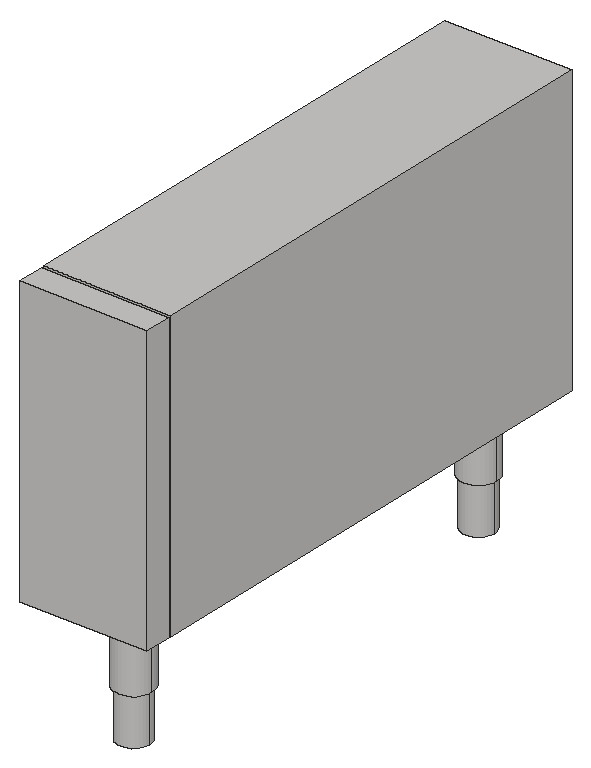
Revit family "QF_ELECTROLUXPROFESSIONAL_391220_E9BANB00C0", category Specialty Equipment, Revit 2018
Family settings
  Round Connector Dimension = Use Diameter
  Part Type = Normal
  Work Plane-Based = No
  Always vertical = Yes
  Cut with Voids When Loaded = No
  Shared = No
  Room Calculation Point = No
Parameters
  URL = ""
  Model = ""
  Manufacturer = ""
  Direct Waste Size = 0"
  Description = ""
Reference planes
  plane 1 "BACK": y = 0
  plane 2: z = 0
  plane 3 "LEFT": x = 0
  plane 4 "RIGHT": x = 200
  plane 5 "FRONT": y = -930
  plane 6 "TOP": z = 650
  plane 7 "Center Y": x = 100
  plane 8 "Center X": y = -465
  plane 9: z = 900
  plane 10: z = 200
  plane 11: y = -128
  plane 12: y = -802
Forms (mm)
  Extrusion 1, solid, material "QF_Finishes_Stainless Steel"
    sketch origin (100, 0, 0) x (0, 1, 0) y (0, 0, 1)
      loop
        line (-70, 200) -> (-70, 650) -> (-853, 650) -> (-853, 200) -> (-70, 200)
    from -99.5 to 99.5
  Extrusion 2, solid, material "QF_Finishes_Stainless Steel"
    sketch origin (100, -1, 0) x (0, 1, 0) y (0, 0, 1)
      loop
        line (-857, 649) -> (-899, 649) -> (-899, 200) -> (-857, 200) -> (-857, 649)
    from -99.5 to 99.5
Lines and regions (mm)
  symbolic lines
    curve 1: line (199.5, -70, 914.5) -> (0.5, -70, 914.5)
    curve 2: line (0.5, -70, 914.5) -> (0.5, -853, 914.5)
    curve 3: line (199.5, -853, 914.5) -> (199.5, -70, 914.5)
    curve 4: line (0.5, -853, 914.5) -> (199.5, -853, 914.5)
    curve 5: line (199.5, -858, 914.5) -> (0.5, -858, 914.5)
    curve 6: line (199.5, -900, 914.5) -> (199.5, -858, 914.5)
    curve 7: line (0.5, -900, 914.5) -> (199.5, -900, 914.5)
    curve 8: line (0.5, -858, 914.5) -> (0.5, -900, 914.5)
Dimensions and locks
  equal spacing: plane 3 "LEFT", plane 7 "Center Y", plane 4 "RIGHT"
  plane 3 "LEFT" to plane 4 "RIGHT" = 200 mm
  equal spacing: plane 5 "FRONT", plane 8 "Center X", plane 1 "BACK"
  plane 5 "FRONT" to plane 1 "BACK" = 930 mm
  aligned and locked: level to plane 2
Automatic sketch dimensions
  plane 10 to Extrusion 1 sketch curve = 0 mm
  Extrusion 1 sketch curve to plane 6 "TOP" = 0 mm
  plane 12 to Extrusion 1 sketch curve = 51 mm
  Extrusion 1 sketch curve to plane 11 = 58 mm
  plane 10 to Extrusion 2 sketch curve = 0 mm
  Extrusion 2 sketch curve to plane 6 "TOP" = 1 mm
  Extrusion 2 sketch curve to plane 5 "FRONT" = 30 mm
  Extrusion 2 sketch curve to Extrusion 2 sketch curve = 42 mm
  plane 3 "LEFT" to curve 2 = 0.5 mm
  curve 2 to plane 11 = 58 mm
  plane 12 to curve 2 = 51 mm
  plane 4 "RIGHT" to curve 1 = 0.5 mm
  plane 4 "RIGHT" to curve 6 = 0.5 mm
  curve 6 to curve 3 = 5 mm
  curve 6 to plane 5 "FRONT" = 30 mm
  plane 3 "LEFT" to curve 7 = 0.5 mm
Nested families
  nested 1: "Foot_Ø50_H200" at (100, -802, 0), type "Foot_Ø50_H200"
  nested 2: "Foot_Ø50_H200" at (100, -128, 0), type "Foot_Ø50_H200"
Definition of nested family "Foot_Ø50_H200"
  Reference planes
    plane 1 "Centro (Fronte/Retro)": y = 0
    plane 2: z = 0
    plane 3 "Centro (Sinistra/Destra)": x = 0
    plane 4: z = 200
  Forms (mm)
    Revolve 1, solid
      sketch origin (255.05, 0, 608.09) x (0, 0, 1) y (-1, 0, 0)
        loop
          line (-608.09, 255.05) -> (-608.09, 230.05) -> (-533.09, 230.05) -> (-533.09, 226.05) -> (-408.09, 226.05) -> (-408.09, 255.05) -> (-608.09, 255.05)
        axis (-608.09, 255.05) -> (-408.09, 255.05)
      angle from 0 to 360
  Dimensions and locks
    locked: Revolve 1 sketch curve to Revolve 1 sketch curve at 125
    aligned and locked: level to plane 2
    aligned and locked: plane 4 to Revolve 1 sketch curve
    aligned and locked: Revolve 1 sketch curve to level
    aligned and locked: plane 3 "Centro (Sinistra/Destra)" to Revolve 1 sketch curve
